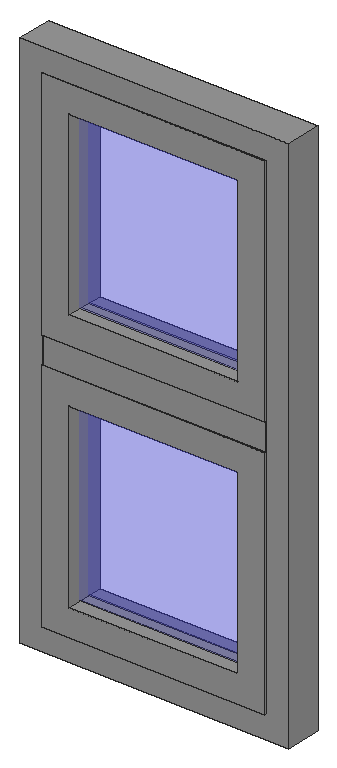
Revit family "Family11", category Windows, host Wall, Revit 2018
Family settings
  Host = Wall
  OmniClass Number = 23.30.20.00
  OmniClass Title = Windows
  Always vertical = Yes
  Cut with Voids When Loaded = No
  Shared = No
  Room Calculation Point = No
Parameters
  Window Thickness = 84 mm
  Window = White
  Visual Light Transmittance = 0.81
  URL = "www.skywardwindows.co.za"
  Thermal Resistance (R) = 0.3196 (m²·K)/W
  Solar Heat Gain Coefficient = 0.76
  Manufacturer = "Skyward Windows"
  Keynote = ""
  Height = 1190 mm
  Heat Transfer Coefficient (U) = 3.1292 W/(m²·K)
  Glass = Glass
  Email Address = "info@skywardwindows.co.za"
  Default Sill Height = 800 mm
  Wall Closure = By host
  Width = 590 mm
  Analytic Construction = "Double glazing - domestic"
Reference planes
  plane 1 "Center (Front/Back)": y = 0
  plane 2 "Center (Left/Right)": x = 0
  plane 3 "Left": x = -295
  plane 4 "Right": x = 295
  plane 5 "Sill": z = 800
  plane 6 "Head": z = 1990
  plane 7 "Exterior": y = 100
  plane 8 "Interior": y = -100
Forms (mm)
  Extrusion 1, solid, material "White" <- "Window"
    sketch origin (0, -100, 0) x (1, 0, 0) y (0, 0, 1)
      loop
        line (-295, 1990) -> (-295, 800) -> (295, 800) -> (295, 1990) -> (-295, 1990)
      loop
        line (-245, 850) -> (245, 850) -> (245, 1940) -> (-245, 1940) -> (-245, 850)
    from -140 to -60
  Extrusion 2, solid, material "White" <- "Window"
    sketch origin (0, -100, 0) x (1, 0, 0) y (0, 0, 1)
      loop
        line (-186, 909) -> (186, 909) -> (186, 1306) -> (-186, 1306) -> (-186, 909)
      loop
        line (-245, 1365) -> (-245, 850) -> (245, 850) -> (245, 1365) -> (-245, 1365)
      loop
        line (-245, 1940) -> (-245, 1425) -> (245, 1425) -> (245, 1940) -> (-245, 1940)
      loop
        line (-186, 1484) -> (186, 1484) -> (186, 1881) -> (-186, 1881) -> (-186, 1484)
    from -142 to -58
  Extrusion 3, solid, material "White" <- "Window"
    sketch origin (0, -100, 0) x (1, 0, 0) y (0, 0, 1)
      loop
        line (-245, 1425) -> (-245, 1365) -> (245, 1365) -> (245, 1425) -> (-245, 1425)
    from -140 to -60
  Extrusion 4, solid, material "Glass" <- "Glass"
    sketch origin (0, 0, 0) x (1, 0, 0) y (0, 1, 0)
      loop
        line (-186, -10) -> (-186, -14) -> (186, -14) -> (186, -10) -> (-186, -10)
      loop
        line (-186, 14) -> (-186, 10) -> (186, 10) -> (186, 14) -> (-186, 14)
    from 909 to 1306
  Extrusion 5, solid, material "Glass" <- "Glass"
    sketch origin (0, 0, 575) x (1, 0, 0) y (0, 1, 0)
      loop
        line (-186, -10) -> (-186, -14) -> (186, -14) -> (186, -10) -> (-186, -10)
      loop
        line (-186, 14) -> (-186, 10) -> (186, 10) -> (186, 14) -> (-186, 14)
    from 909 to 1306
Lines and regions (mm)
  Opening 1
    outline origin (3500, -100, 0) x (1, 0, 0) y (0, 0, 1)
      loop
        line (-3205, 800) -> (-3205, 1990) -> (-3795, 1990) -> (-3795, 800) -> (-3205, 800)
  model lines
    curve 1: line (0, 0, 0) -> (0, 10, 0)
    curve 2: line (0, 10, 0) -> (0, -10, 0)
Text (mm)
  text "EXTERIOR" at (-1963.203, 1332.353, 0), in view "Ref. Level"
  text "INTERIOR" at (-1981.466, -818.386, 0), in view "Ref. Level"
  text "Exterior" at (0, 923.751, 2943.296), in view "Right"
  text "Exterior" at (0, 1040.484, 2685.409), in view "Left"
Dimensions and locks
  equal spacing: plane 3 "Left", plane 2 "Center (Left/Right)", plane 4 "Right"
  "Width": plane 3 "Left" to plane 4 "Right"
  "Height": plane 5 "Sill" to plane 6 "Head"
  "Default Sill Height": plane 5 "Sill" to level
  locked: plane 7 "Exterior" to host wall at 0
  locked: plane 8 "Interior" to host wall
  "Window Thickness": Extrusion 2 to Extrusion 2
  aligned and locked: Extrusion 1 sketch curve to host wall  (x4)
Automatic sketch dimensions
  plane 3 "Left" to Opening 1 sketch curve = 0 mm
  plane 4 "Right" to Opening 1 sketch curve = 0 mm
  Opening 1 sketch curve to plane 5 "Sill" = 0 mm
  Opening 1 sketch curve to plane 6 "Head" = 0 mm
  Extrusion 1 sketch curve to plane 3 "Left" = 50 mm
  plane 4 "Right" to Extrusion 1 sketch curve = 50 mm
  Extrusion 1 sketch curve to plane 5 "Sill" = 50 mm
  plane 6 "Head" to Extrusion 1 sketch curve = 50 mm
  Extrusion 2 sketch curve to plane 3 "Left" = 50 mm  (x2)
  Extrusion 2 sketch curve to Extrusion 2 sketch curve = 59 mm  (x5)
  plane 4 "Right" to Extrusion 2 sketch curve = 109 mm  (x2)
  plane 4 "Right" to Extrusion 2 sketch curve = 50 mm  (x2)
  Extrusion 2 sketch curve to plane 5 "Sill" = 50 mm
  Extrusion 2 sketch curve to Extrusion 2 sketch curve = 397 mm
  Extrusion 2 sketch curve to Extrusion 2 sketch curve = 60 mm
  plane 6 "Head" to Extrusion 2 sketch curve = 109 mm
  plane 6 "Head" to Extrusion 2 sketch curve = 50 mm
  Extrusion 3 sketch curve to plane 3 "Left" = 50 mm
  plane 4 "Right" to Extrusion 3 sketch curve = 50 mm
  Extrusion 3 sketch curve to plane 5 "Sill" = 565 mm
  Extrusion 3 sketch curve to Extrusion 3 sketch curve = 60 mm
  curve 1 to plane 2 "Center (Left/Right)" = 0 mm
  host wall to curve 1 = 0 mm
  curve 2 to host wall = 10 mm
  host wall to curve 2 = 10 mm
  host wall to Extrusion 4 sketch curve = 10 mm
  Extrusion 4 sketch curve to plane 3 "Left" = 109 mm
  Extrusion 4 sketch curve to Extrusion 4 sketch curve = 0 mm  (x2)
  host wall to Extrusion 4 sketch curve = 14 mm
  plane 4 "Right" to Extrusion 4 sketch curve = 109 mm
  Extrusion 4 sketch curve to host wall = 10 mm
  Extrusion 4 sketch curve to Extrusion 4 sketch curve = 4 mm
  host wall to Extrusion 5 sketch curve = 10 mm
  Extrusion 5 sketch curve to plane 3 "Left" = 109 mm
  Extrusion 5 sketch curve to Extrusion 5 sketch curve = 0 mm  (x2)
  host wall to Extrusion 5 sketch curve = 14 mm
  plane 4 "Right" to Extrusion 5 sketch curve = 109 mm
  Extrusion 5 sketch curve to host wall = 10 mm
  Extrusion 5 sketch curve to Extrusion 5 sketch curve = 4 mm
